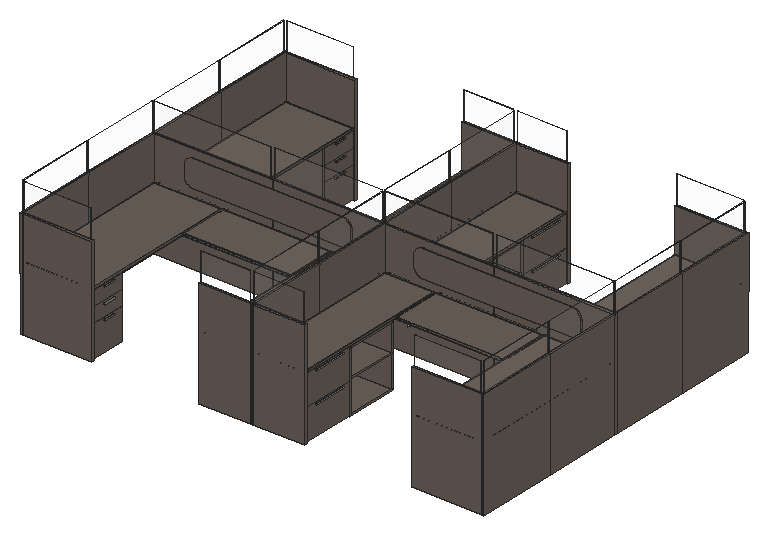
Revit family "OFS TYPICAL T200082", category Furniture, Revit 2022 (continued)
Definition of nested family "STAKS WORKSURFACE HEIGHT OPEN SHELF PEDESTAL - NO RISER SUPPORT"
  Types (6): name | Model | Drawer Handle Width | Description | Width | Depth
    STAKS WORKSURFACE HEIGHT OPEN SHELF PEDESTAL - NO RISER SUPPORT 30 x 19 | "6-NW3019MPD6" | 0' - 5 1/4" | "OFS STAKS WORKSURFACE HEIGHT OPEN SHELF PEDESTAL - NO RISER SUPPORT 30\"W x 19\" D, Sliding Door, One Adjustable Shelf, One Stationary Shelf, Use with 22\"D Worksurfaces" | 2' - 6" | 1' - 7 3/8"
    STAKS WORKSURFACE HEIGHT OPEN SHELF PEDESTAL - NO RISER SUPPORT 30 x 22 | "6-NW3022MPD6" | 0' - 5 1/4" | "OFS STAKS WORKSURFACE HEIGHT OPEN SHELF PEDESTAL - NO RISER SUPPORT 30\"W x 22\" D, Sliding Door, One Adjustable Shelf, One Stationary Shelf, Use with 22\"D Worksurfaces" | 2' - 6" | 1' - 9 7/8"
    STAKS WORKSURFACE HEIGHT OPEN SHELF PEDESTAL - NO RISER SUPPORT 36 x 22 | "6-NW3622MPD6" | 0' - 5 1/4" | "OFS STAKS WORKSURFACE HEIGHT OPEN SHELF PEDESTAL - NO RISER SUPPORT 36\"W x 22\" D, Sliding Door, One Adjustable Shelf, One Stationary Shelf, Use with 22\"D Worksurfaces" | 3' - 0" | 1' - 9 7/8"
    STAKS WORKSURFACE HEIGHT OPEN SHELF PEDESTAL - NO RISER SUPPORT 36 x 19 | "6-NW2419MPD6" | 0' - 5 1/4" | "OFS STAKS WORKSURFACE HEIGHT OPEN SHELF PEDESTAL - NO RISER SUPPORT 36\"W x 19\" D, Sliding Door, One Adjustable Shelf, One Stationary Shelf, Use with 22\"D Worksurfaces" | 3' - 0" | 1' - 7 3/8"
  Reference planes (in)
    plane 1: z = 0
    plane 2 "Right": x = 20.97711
    plane 3: z = 27.875
    plane 4: z = 15.375
    plane 5: z = 15.25
    plane 6: z = 0
    plane 7: z = 15
    plane 8: z = 27.625
    plane 9: z = 14.531
    plane 10: z = 27.15625
    plane 11: x = 8.97711
    plane 12: y = 1.37535
    plane 13: y = 0.62535
    plane 14: x = 9.03961
    plane 15: x = 32.91411
    plane 16: x = 9.72711
    plane 17: y = 20.00035
    plane 18: x = 32.97711
    plane 19: x = 32.22711
    plane 20: y = -0.18715
    plane 21: y = -0.37465
    plane 22: z = 21.875
    plane 23: z = 21.75
    plane 24: z = 21.5
    plane 25: z = 21.031
    plane 26: z = 0.25
    plane 27: y = 19.25035
    plane 28: z = 0.75
    plane 29: y = 16.75035
    plane 30: y = 4.37535
    plane 31: y = 8.37535
    plane 32: y = 12.75035
    plane 33: y = 5.00035
    plane 34: y = 13.37535
    plane 35: z = 28
    plane 36: z = 22.25
    plane 37: x = 21.35211
    plane 38: x = 20.60211
    plane 39: x = 21.00836
    plane 40: x = 20.94586
    plane 41: x = 14.99274
    plane 42: x = 17.61749
    plane 43: x = 12.36799
    plane 44: x = 12.74299
    plane 45: x = 17.24249
    plane 46: x = 26.96124
    plane 47: x = 24.33649
    plane 48: x = 29.58599
    plane 49: x = 29.21099
    plane 50: x = 24.71149
  Forms (in)
    Extrusion 1, solid, material <- "Chasis Material"
      sketch origin (-3, -1.24965, 0) x (1, 0, 0) y (0, 0, 1)
        loop
          line (11.97711, 0) -> (12.72711, 0) -> (12.72711, 27.875) -> (11.97711, 27.875) -> (11.97711, 0)
      from -21.25 to -2.625
    Extrusion 2, solid, material <- "Chasis Material"
      sketch origin (19.35211, 31.02324, 0) x (0, 1, 0) y (0, 0, 1)
        loop
          line (-11.77289, 0) -> (-11.02289, 0) -> (-11.02289, 27.875) -> (-11.77289, 27.875) -> (-11.77289, 0)
      from -9.625 to 12.875
    Extrusion 3, solid, material <- "Chasis Material"
      sketch origin (0, 0, 0) x (1, 0, 0) y (0, 1, 0)
        loop
          line (32.97711, 20.00035) -> (32.22711, 20.00035) -> (32.22711, 1.37535) -> (32.97711, 1.37535) -> (32.97711, 20.00035)
      from 0 to 27.875
    Extrusion 4, solid, material <- "Chasis Material"
      sketch origin (-29.79592, -1.62465, 7.24693) x (1, 0, 0) y (0, 0, 1)
        loop
          line (39.52304, 19.90932) -> (62.02304, 19.90932) -> (62.02304, 20.62807) -> (39.52304, 20.62807) -> (39.52304, 19.90932)
      from -20.875 to -3
    Extrusion 5, solid, material <- "Chasis Material"
      sketch origin (-31.5409, -1.62465, -42.72261) x (1, 0, 0) y (0, 0, 1)
        loop
          line (41.26801, 42.72261) -> (63.76801, 42.72261) -> (63.76801, 43.47261) -> (41.26801, 43.47261) -> (41.26801, 42.72261)
      from -20.875 to -3
    Extrusion 6, solid
      sketch origin (0, 0, 0) x (1, 0, 0) y (0, 1, 0)
        loop
          line (9.03961, 20.00035) -> (9.03961, 1.62535) -> (32.91411, 1.62535) -> (32.91411, 20.00035) -> (9.03961, 20.00035)
        loop
          line (32.22711, 2.37535) -> (32.22711, 10.12535) -> (9.72711, 10.12535) -> (9.72711, 2.37535) -> (32.22711, 2.37535)
        loop
          line (32.22711, 10.75035) -> (32.22711, 19.25035) -> (9.72711, 19.25035) -> (9.72711, 10.75035) -> (32.22711, 10.75035)
      from 27.875 to 28
    Extrusion 7, solid, material <- "Chasis Material"
      sketch origin (41.95422, 1.87535, 0) x (-1, 0, 0) y (0, 0, -1)
        loop
          line (9.72711, -15.25) -> (32.22711, -15.25) -> (32.22711, -14.531) -> (9.72711, -14.531) -> (9.72711, -15.25)
      from -17.375 to 0.5
  Dimensions and locks (in)
    "Board Thickness": plane 13 to plane 12
    locked: plane 11 to plane 14 at 0.0625
    "Board Thickness": plane 11 to plane 16
    locked: plane 15 to plane 18 at 0.063
    "Width": plane 11 to plane 18
    Extrusion 3 sketch curve to plane 18 = 0' - 0 3/4"
    "Board Thickness": plane 19 to plane 18
    equal spacing: plane 11, plane 2 "Right", plane 18
    plane 21 to plane 20 to plane 13 = 0' - 0 3/16" locked, 0' - 0 13/16" locked
    "Riser Support": plane 6 to level
    "Height": plane 3 to plane 6
    "DH1": plane 4 to plane 6
    "DH2": plane 22 to plane 4
    locked: plane 26 to plane 6 at 0.25
    "Board Thickness": plane 27 to plane 17
    "Depth": plane 13 to plane 17
    plane 4 to plane 5 to plane 7 to plane 9 = 0' - 0 1/8" locked, 0' - 0 1/4" locked, 0' - 0.469" locked
    plane 22 to plane 23 to plane 24 to plane 25 = 0' - 0 1/8" locked, 0' - 0 1/4" locked, 0' - 0.469" locked
    plane 3 to plane 8 to plane 10 = 0' - 0 1/4" locked, 0' - 0 15/32" locked
    "Board Thickness": plane 28 to plane 6
    plane 12 to plane 30 to plane 31 = 0' - 3" locked, 0' - 4" locked
    plane 32 to plane 29 to plane 27 = 0' - 4" locked, 0' - 2 1/2" locked
    locked: plane 30 to plane 33 at 0.625
    locked: plane 32 to plane 34 at 0.625
    locked: plane 35 to plane 3 at 0.125
    "Board Thickness": plane 36 to plane 24
    equal spacing: plane 38, plane 2 "Right", plane 37
    "Board Thickness": plane 38 to plane 37
    equal spacing: plane 40, plane 2 "Right", plane 39
    equal spacing: plane 14, plane 41, plane 40
    equal spacing: plane 43, plane 41, plane 42
    "Drawer Handle Width": plane 43 to plane 42
    locked: plane 43 to plane 44 at 0.375
    locked: plane 45 to plane 42 at 0.375
    equal spacing: plane 15, plane 46, plane 39
    equal spacing: plane 48, plane 46, plane 47
    "Drawer Handle Width": plane 48 to plane 47
    locked: plane 48 to plane 49 at 0.375
    locked: plane 50 to plane 47 at 0.375
    aligned and locked: level to plane 1
    aligned and locked: plane 12 to Extrusion 1
    aligned and locked: Extrusion 1 to plane 17
    aligned and locked: Extrusion 2 to plane 16
    aligned and locked: plane 16 to Extrusion 1
    aligned and locked: Extrusion 1 to plane 11
    aligned and locked: Extrusion 2 to plane 17
    aligned and locked: plane 19 to Extrusion 2
    aligned and locked: plane 3 to Extrusion 1
    aligned and locked: plane 3 to Extrusion 2
    aligned and locked: Extrusion 3 to plane 19
    aligned and locked: plane 3 to Extrusion 3
    aligned and locked: Extrusion 3 to plane 6
    aligned and locked: plane 3 to Extrusion 4
    aligned and locked: Extrusion 4 to plane 10
    aligned and locked: plane 19 to Extrusion 4
    aligned and locked: Extrusion 4 to plane 16
    aligned and locked: plane 28 to Extrusion 5
    aligned and locked: Extrusion 5 to plane 6
    aligned and locked: Extrusion 5 to plane 27
    aligned and locked: plane 12 to Extrusion 5
    aligned and locked: plane 19 to Extrusion 5
    aligned and locked: Extrusion 5 to plane 16
    aligned and locked: Extrusion 6 to plane 3
    aligned and locked: plane 35 to Extrusion 6
    aligned and locked: Extrusion 4 to plane 27
    aligned and locked: plane 12 to Extrusion 4
    aligned and locked: Extrusion 7 to plane 9
    aligned and locked: plane 5 to Extrusion 7
    aligned and locked: plane 19 to Extrusion 7
    aligned and locked: Extrusion 7 to plane 27
    aligned and locked: plane 12 to Extrusion 7
    aligned and locked: Extrusion 6 sketch curve to plane 17
    aligned and locked: Extrusion 6 sketch curve to plane 27
    aligned and locked: plane 16 to Extrusion 6 sketch curve
    aligned and locked: plane 19 to Extrusion 6 sketch curve
    aligned and locked: Extrusion 2 to plane 6
    aligned and locked: Extrusion 1 to plane 6
    aligned and locked: Extrusion 7 to plane 16
  Automatic sketch dimensions
    level to Extrusion 1 sketch curve = 0' - 0"
    Extrusion 1 sketch curve to plane 11 = 0' - 0"
    Extrusion 1 sketch curve to plane 3 = 0' - 0"
    Extrusion 1 sketch curve to plane 16 = 0' - 0"
    level to Extrusion 2 sketch curve = 0' - 0"
    Extrusion 2 sketch curve to plane 3 = 0' - 0"
    Extrusion 2 sketch curve to plane 17 = 0' - 0"
    plane 27 to Extrusion 2 sketch curve = 0' - 0"
    plane 12 to Extrusion 3 sketch curve = 0' - 0"
    Extrusion 3 sketch curve to plane 18 = 0' - 0"
    plane 17 to Extrusion 3 sketch curve = 0' - 0"
    Extrusion 4 sketch curve to plane 10 = 0' - 0"
    Extrusion 4 sketch curve to plane 16 = 0' - 0"
    Extrusion 4 sketch curve to plane 3 = 0' - 0"
    Extrusion 4 sketch curve to plane 19 = 0' - 0"
    level to Extrusion 5 sketch curve = 0' - 0"
    Extrusion 5 sketch curve to plane 16 = 0' - 0"
    Extrusion 5 sketch curve to plane 19 = 0' - 0"
    Extrusion 5 sketch curve to plane 28 = 0' - 0"
    Extrusion 7 sketch curve to plane 9 = 0' - 0"
    Extrusion 7 sketch curve to plane 19 = 0' - 0"
    Extrusion 7 sketch curve to plane 37 = 0' - 11 5/8"
    Extrusion 7 sketch curve to plane 5 = 0' - 0"
    Extrusion 6 sketch curve to plane 14 = 0' - 0"
    Extrusion 6 sketch curve to plane 16 = 0' - 0"
    Extrusion 6 sketch curve to plane 19 = 0' - 0"
    Extrusion 6 sketch curve to plane 15 = 0' - 0"
    plane 32 to Extrusion 6 sketch curve = 0' - 2 5/8"
    plane 34 to Extrusion 6 sketch curve = 0' - 2 5/8"
    Extrusion 6 sketch curve to plane 13 = 0' - 1"
    Extrusion 6 sketch curve to plane 12 = 0' - 1"
Definition of nested family "STAKS WORKSURFACE HEIGHT PEDESTAL WIDE - FILE-FILE - NO RISER SUPPORT"
  Parameters (values of type "STAKS WORKSURFACE HEIGHT PEDESTAL WIDE - OPEN-BOX-FILE - NO RISER SUPPORT 24 x 19")
    URL = "http://www.ofs.com/"
    Riser Support = 0' - 0"
    Model = "6-NW2419MPD3"
    Manufacturer = "OFS"
    Height = 2' - 3 7/8"
    Drawer Material = none
    Drawer Handle Width = 1' - 3 1/8"
    Drawer Handle Material = none
    Description = "OFS STAKS WORKSURFACE HEIGHT PEDESTAL WIDE - OPEN-BOX-FILE - NO RISER SUPPORT 24\" W x 19\" D, Two Lateral File Drawers, Use with 22\"D Worksurfaces"
    Width = 2' - 0"
    Depth = 1' - 7 3/8"
    Default Elevation = 0' - 0"
    DH2 = 0' - 6 1/2"
    DH1 = 1' - 2 3/8"
    Copyright © = "© 2018 OFS"
    Chasis Material = none
    Catalog = "https://ofs.com/products/casegoods/private-office/staks"
    Board Thickness = 0' - 0 3/4"
    Authoring Version = "Autodesk Revit Architecture 2013"
    Assembly Code = "E2020200"
  Types (6): name | Model | Description | Width | Depth
    STAKS WORKSURFACE HEIGHT PEDESTAL WIDE - OPEN-BOX-FILE - NO RISER SUPPORT 24 x 19 | "6-NW2419MPD3" | "OFS STAKS WORKSURFACE HEIGHT PEDESTAL WIDE - OPEN-BOX-FILE - NO RISER SUPPORT 24\" W x 19\" D, Two Lateral File Drawers, Use with 22\"D Worksurfaces" | 2' - 0" | 1' - 7 3/8"
    STAKS WORKSURFACE HEIGHT PEDESTAL WIDE - OPEN-BOX-FILE - NO RISER SUPPORT 24 x 22 | "6-NW2422MPD3" | "OFS STAKS WORKSURFACE HEIGHT PEDESTAL WIDE - OPEN-BOX-FILE - NO RISER SUPPORT 24\" W x 22\" D, Two Lateral File Drawers, Use with 22\"D Worksurfaces" | 2' - 0" | 1' - 9 7/8"
    STAKS WORKSURFACE HEIGHT PEDESTAL WIDE - OPEN-BOX-FILE - NO RISER SUPPORT 30 x 19 | "6-NW3019MPD3" | "OFS STAKS WORKSURFACE HEIGHT PEDESTAL WIDE - OPEN-BOX-FILE - NO RISER SUPPORT 30\" W x 19\" D, Two Lateral File Drawers, Use with 22\"D Worksurfaces" | 2' - 6" | 1' - 7 3/8"
    STAKS WORKSURFACE HEIGHT PEDESTAL WIDE - OPEN-BOX-FILE - NO RISER SUPPORT 30 x 22 | "6-NW3022MPD3" | "OFS STAKS WORKSURFACE HEIGHT PEDESTAL WIDE - OPEN-BOX-FILE - NO RISER SUPPORT 30\" W x 22\" D, Two Lateral File Drawers, Use with 22\"D Worksurfaces" | 2' - 6" | 1' - 9 7/8"
    STAKS WORKSURFACE HEIGHT PEDESTAL WIDE - OPEN-BOX-FILE - NO RISER SUPPORT 36 x 19 | "6-NW3619MPD3" | "OFS STAKS WORKSURFACE HEIGHT PEDESTAL WIDE - OPEN-BOX-FILE - NO RISER SUPPORT 36\" W x 19\" D, Two Lateral File Drawers, Use with 22\"D Worksurfaces" | 3' - 0" | 1' - 7 3/8"
    STAKS WORKSURFACE HEIGHT PEDESTAL WIDE - OPEN-BOX-FILE - NO RISER SUPPORT 36 x 22 | "6-NW3622MPD3" | "OFS STAKS WORKSURFACE HEIGHT PEDESTAL WIDE - OPEN-BOX-FILE - NO RISER SUPPORT 36\" W x 22\" D, Two Lateral File Drawers, Use with 22\"D Worksurfaces" | 3' - 0" | 1' - 9 7/8"
  Reference planes (in)
    plane 1: z = 0
    plane 2 "Right": x = 20.97711
    plane 3: z = 27.875
    plane 4: z = 14.375
    plane 5: z = 14.25
    plane 6: z = 0
    plane 7: z = 14
    plane 8: z = 27.625
    plane 9: z = 13.531
    plane 10: z = 27.15625
    plane 11: x = 8.97711
    plane 12: y = 1.37535
    plane 13: y = 0.62535
    plane 14: x = 9.03961
    plane 15: x = 32.91411
    plane 16: x = 9.72711
    plane 17: y = 20.00035
    plane 18: x = 32.97711
    plane 19: x = 32.22711
    plane 20: x = 13.41461
    plane 21: x = 13.78961
    plane 22: x = 28.53961
    plane 23: x = 28.16461
    plane 24: y = -0.18715
    plane 25: y = -0.37465
    plane 26: z = 0.25
    plane 27: y = 19.25035
    plane 28: z = 0.75
    plane 29: y = 16.75035
    plane 30: y = 4.37535
    plane 31: y = 8.37535
    plane 32: y = 12.75035
    plane 33: y = 5.00035
    plane 34: y = 13.37535
    plane 35: z = 28
  Forms (in)
    Extrusion 1, solid, material <- "Drawer Material"
      sketch origin (20.35211, 5, -13.1802) x (0, 1, 0) y (0, 0, 1)
        loop
          line (-4.37465, 27.4302) -> (-4.37465, 13.4302) -> (-3.62465, 13.4302) -> (-3.62465, 27.4302) -> (-4.37465, 27.4302)
      from -11.3125 to 12.562
    Extrusion 2, solid, material <- "Drawer Material"
      sketch origin (20.35211, 2.25, -7.68015) x (0, 1, 0) y (0, 0, 1)
        loop
          line (-1.62465, 35.55515) -> (-1.62465, 22.05515) -> (-0.87465, 22.05515) -> (-0.87465, 35.55515) -> (-1.62465, 35.55515)
      from -11.3125 to 12.562
    Extrusion 3, solid, material <- "Chasis Material"
      sketch origin (-3, -1.24965, 0) x (1, 0, 0) y (0, 0, 1)
        loop
          line (11.97711, 0) -> (12.72711, 0) -> (12.72711, 27.875) -> (11.97711, 27.875) -> (11.97711, 0)
      from -21.25 to -2.625
    Extrusion 4, solid, material <- "Chasis Material"
      sketch origin (19.35211, 31.02324, 0) x (0, 1, 0) y (0, 0, 1)
        loop
          line (-11.77289, 0) -> (-11.02289, 0) -> (-11.02289, 27.875) -> (-11.77289, 27.875) -> (-11.77289, 0)
      from -9.625 to 12.875
    Extrusion 5, solid, material <- "Drawer Handle Material"
      sketch origin (9, 0, 9.60933) x (1, 0, 0) y (0, 1, 0)
        loop
          line (4.41461, 0.62535) -> (4.41461, -0.37465) -> (19.53961, -0.37465) -> (19.53961, 0.62535) -> (19.16461, 0.62535) -> (19.16461, -0.18715) -> (4.78961, -0.18715) -> (4.78961, 0.62535) -> (4.41461, 0.62535)
      from 3.92167 to 4.39067
    Extrusion 6, solid, material <- "Drawer Handle Material"
      sketch origin (9, 0, 20.67137) x (1, 0, 0) y (0, 1, 0)
        loop
          line (4.41461, 0.62535) -> (4.41461, -0.37465) -> (19.53961, -0.37465) -> (19.53961, 0.62535) -> (19.16461, 0.62535) -> (19.16461, -0.18715) -> (4.78961, -0.18715) -> (4.78961, 0.62535) -> (4.41461, 0.62535)
      from 6.48488 to 6.95363
    Extrusion 7, solid, material <- "Chasis Material"
      sketch origin (0, 0, 0) x (1, 0, 0) y (0, 1, 0)
        loop
          line (32.97711, 20.00035) -> (32.22711, 20.00035) -> (32.22711, 1.37535) -> (32.97711, 1.37535) -> (32.97711, 20.00035)
      from 0 to 27.875
    Extrusion 8, solid, material <- "Chasis Material"
      sketch origin (-29.79592, -1.62465, 7.24693) x (1, 0, 0) y (0, 0, 1)
        loop
          line (39.52304, 19.90932) -> (62.02304, 19.90932) -> (62.02304, 20.62807) -> (39.52304, 20.62807) -> (39.52304, 19.90932)
      from -18.375 to -14.375
    Extrusion 9, solid, material <- "Chasis Material"
      sketch origin (-29.79592, -7.12465, 7.24693) x (1, 0, 0) y (0, 0, 1)
        loop
          line (39.52304, 19.90932) -> (62.02304, 19.90932) -> (62.02304, 20.62807) -> (39.52304, 20.62807) -> (39.52304, 19.90932)
      from -15.5 to -11.5
    Extrusion 10, solid, material <- "Chasis Material"
      sketch origin (-31.5409, -1.62465, -42.72261) x (1, 0, 0) y (0, 0, 1)
        loop
          line (41.26801, 42.72261) -> (63.76801, 42.72261) -> (63.76801, 43.47261) -> (41.26801, 43.47261) -> (41.26801, 42.72261)
      from -20.875 to -3
    Extrusion 11, solid
      sketch origin (0, 0, 0) x (1, 0, 0) y (0, 1, 0)
        loop
          line (32.91411, 20.00035) -> (32.22711, 20.00035) -> (32.22711, 13.37535) -> (9.72711, 13.37535) -> (9.72711, 20.00035) -> (9.03961, 20.00035) -> (9.03961, 1.37535) -> (9.72711, 1.37535) -> (9.72711, 4.37535) -> (32.22711, 4.37535) -> (32.22711, 1.37535) -> (32.91411, 1.37535) -> (32.91411, 20.00035)
        loop
          line (32.22711, 5.00035) -> (32.22711, 12.75035) -> (9.72711, 12.75035) -> (9.72711, 5.00035) -> (32.22711, 5.00035)
      from 27.875 to 28
  Dimensions and locks (in)
    "Board Thickness": plane 13 to plane 12
    locked: plane 11 to plane 14 at 0.0625
    "Board Thickness": plane 11 to plane 16
    locked: plane 15 to plane 18 at 0.063
    "Width": plane 11 to plane 18
    Extrusion 7 sketch curve to plane 18 = 0' - 0 3/4"
    "Board Thickness": plane 19 to plane 18
    equal spacing: plane 11, plane 2 "Right", plane 18
    locked: plane 20 to plane 21 at 0.375
    locked: plane 23 to plane 22 at 0.375
    equal spacing: plane 20, plane 2 "Right", plane 22
    "Drawer Handle Width": plane 20 to plane 22
    plane 25 to plane 24 to plane 13 = 0' - 0 3/16" locked, 0' - 0 13/16" locked
    "Riser Support": plane 6 to level
    "Height": plane 3 to plane 6
    "DH1": plane 4 to plane 6
    locked: plane 26 to plane 6 at 0.25
    "Board Thickness": plane 27 to plane 17
    "Depth": plane 13 to plane 17
    plane 4 to plane 5 to plane 7 to plane 9 = 0' - 0 1/8" locked, 0' - 0 1/4" locked, 0' - 0.469" locked
    plane 3 to plane 8 to plane 10 = 0' - 0 1/4" locked, 0' - 0 15/32" locked
    "Board Thickness": plane 28 to plane 6
    plane 12 to plane 30 to plane 31 = 0' - 3" locked, 0' - 4" locked
    plane 32 to plane 29 to plane 27 = 0' - 4" locked, 0' - 2 1/2" locked
    locked: plane 30 to plane 33 at 0.625
    locked: plane 32 to plane 34 at 0.625
    locked: plane 35 to plane 3 at 0.125
    aligned and locked: level to plane 1
    aligned and locked: Extrusion 1 to plane 14
    aligned and locked: plane 15 to Extrusion 1
    aligned and locked: Extrusion 2 to plane 12
    aligned and locked: plane 13 to Extrusion 2
    aligned and locked: plane 15 to Extrusion 2
    aligned and locked: Extrusion 2 to plane 14
    aligned and locked: plane 12 to Extrusion 3
    aligned and locked: Extrusion 3 to plane 17
    aligned and locked: Extrusion 4 to plane 16
    aligned and locked: plane 16 to Extrusion 3
    aligned and locked: Extrusion 3 to plane 11
    aligned and locked: Extrusion 4 to plane 17
    aligned and locked: Extrusion 1 sketch curve to plane 12
    aligned and locked: plane 13 to Extrusion 1 sketch curve
    aligned and locked: plane 19 to Extrusion 4
    aligned and locked: plane 3 to Extrusion 3
    aligned and locked: Extrusion 6 to plane 22
    aligned and locked: Extrusion 5 to plane 22
    aligned and locked: plane 23 to Extrusion 6
    aligned and locked: plane 23 to Extrusion 5
    aligned and locked: plane 21 to Extrusion 6
    aligned and locked: plane 21 to Extrusion 5
    aligned and locked: Extrusion 6 to plane 20
    aligned and locked: Extrusion 5 to plane 20
    aligned and locked: plane 24 to Extrusion 6
    aligned and locked: plane 7 to Extrusion 5
    aligned and locked: Extrusion 5 to plane 9
    aligned and locked: plane 3 to Extrusion 4
    aligned and locked: Extrusion 1 to plane 26
    aligned and locked: Extrusion 7 to plane 19
    aligned and locked: plane 3 to Extrusion 7
    aligned and locked: Extrusion 7 to plane 6
    aligned and locked: plane 3 to Extrusion 8
    aligned and locked: Extrusion 8 to plane 10
    aligned and locked: plane 19 to Extrusion 8
    aligned and locked: Extrusion 8 to plane 16
    aligned and locked: Extrusion 8 to plane 29
    aligned and locked: plane 32 to Extrusion 8
    aligned and locked: plane 30 to Extrusion 9
    aligned and locked: Extrusion 9 to plane 31
    aligned and locked: plane 3 to Extrusion 9
    aligned and locked: Extrusion 9 to plane 10
    aligned and locked: plane 28 to Extrusion 10
    aligned and locked: Extrusion 10 to plane 6
    aligned and locked: Extrusion 10 to plane 27
    aligned and locked: plane 12 to Extrusion 10
    aligned and locked: plane 19 to Extrusion 10
    aligned and locked: Extrusion 10 to plane 16
    aligned and locked: Extrusion 11 to plane 3
    aligned and locked: plane 35 to Extrusion 11
    aligned and locked: plane 3 to Extrusion 2
    aligned and locked: plane 8 to Extrusion 6
    aligned and locked: Extrusion 6 to plane 10
  Automatic sketch dimensions
    Extrusion 1 sketch curve to plane 26 = 0' - 0"
    Extrusion 1 sketch curve to plane 5 = 0' - 0"
    Extrusion 2 sketch curve to plane 13 = 0' - 0"
    Extrusion 2 sketch curve to plane 4 = 0' - 0"
    Extrusion 2 sketch curve to plane 12 = 0' - 0"
    Extrusion 3 sketch curve to plane 6 = 0' - 0"
    Extrusion 3 sketch curve to plane 11 = 0' - 0"
    Extrusion 3 sketch curve to plane 3 = 0' - 0"
    Extrusion 3 sketch curve to plane 16 = 0' - 0"
    Extrusion 4 sketch curve to plane 6 = 0' - 0"
    Extrusion 4 sketch curve to plane 3 = 0' - 0"
    Extrusion 4 sketch curve to plane 17 = 0' - 0"
    plane 27 to Extrusion 4 sketch curve = 0' - 0"
    plane 13 to Extrusion 5 sketch curve = 0' - 0"  (x2)
    Extrusion 5 sketch curve to plane 20 = 0' - 0"
    Extrusion 5 sketch curve to plane 21 = 0' - 0"
    Extrusion 5 sketch curve to plane 23 = 0' - 0"
    Extrusion 5 sketch curve to plane 22 = 0' - 0"
    plane 25 to Extrusion 5 sketch curve = 0' - 0"
    plane 24 to Extrusion 5 sketch curve = 0' - 0"
    plane 13 to Extrusion 6 sketch curve = 0' - 0"  (x2)
    Extrusion 6 sketch curve to plane 20 = 0' - 0"
    Extrusion 6 sketch curve to plane 21 = 0' - 0"
    Extrusion 6 sketch curve to plane 23 = 0' - 0"
    Extrusion 6 sketch curve to plane 22 = 0' - 0"
    plane 25 to Extrusion 6 sketch curve = 0' - 0"
    plane 24 to Extrusion 6 sketch curve = 0' - 0"
    plane 12 to Extrusion 7 sketch curve = 0' - 0"
    Extrusion 7 sketch curve to plane 18 = 0' - 0"
    plane 17 to Extrusion 7 sketch curve = 0' - 0"
    Extrusion 8 sketch curve to plane 10 = 0' - 0"
    Extrusion 8 sketch curve to plane 16 = 0' - 0"
    Extrusion 8 sketch curve to plane 3 = 0' - 0"
    Extrusion 8 sketch curve to plane 19 = 0' - 0"
    Extrusion 9 sketch curve to plane 10 = 0' - 0"
    Extrusion 9 sketch curve to plane 16 = 0' - 0"
    Extrusion 9 sketch curve to plane 3 = 0' - 0"
    Extrusion 9 sketch curve to plane 19 = 0' - 0"
    plane 14 to Extrusion 10 sketch curve = 0' - 0 11/16"
    Extrusion 10 sketch curve to plane 6 = 0' - 0"
    plane 6 to Extrusion 10 sketch curve = 0' - 0 3/4"
    Extrusion 10 sketch curve to plane 19 = 0' - 0"
    Extrusion 11 sketch curve to plane 14 = 0' - 0"
    Extrusion 11 sketch curve to plane 19 = 0' - 0"  (x2)
    Extrusion 11 sketch curve to plane 15 = 0' - 0"
    Extrusion 11 sketch curve to plane 13 = 0' - 0 3/4"  (x2)
    Extrusion 11 sketch curve to plane 30 = 0' - 0"
    Extrusion 11 sketch curve to plane 33 = 0' - 0"
    Extrusion 11 sketch curve to plane 34 = 0' - 0"
    Extrusion 11 sketch curve to plane 32 = 0' - 0"
    Extrusion 11 sketch curve to Extrusion 11 sketch curve = 0' - 0"  (x2)
    Extrusion 11 sketch curve to plane 16 = 0' - 0"  (x2)
    plane 17 to Extrusion 11 sketch curve = 0' - 0"  (x2)
    plane 4 to Extrusion 2 sketch curve = 1' - 1 1/2"
Definition of nested family "STAKS SPINE OR DIVIDER WALL 48in"
  Parameters (values of type "STAKS SPINE OR DIVIDER WALL 48in X 24in")
    URL = "http://www.ofs.com/"
    Height Above Floor [instance] = 4' - 0"
    Height = 4' - 0"
    Depth = 0' - 1"
    Model = "6-PAN-48/24"
    Manufacturer = "OFS"
    Description = "OFS STAKS SPINE OR DIVIDER WALL 48\" Height x 24\" Width, Levelers allow 2.5\" Height Adjustability for Uneven Floor"
    Width = 2' - 0"
    Default Elevation = 0' - 0"
    Copyright © = "© 2018 OFS"
    Catalog = "https://ofs.com/products/casegoods/private-office/staks"
    Authoring Version = "Autodesk Revit Architecture 2013"
    Assembly Code = "E2020200"
  Types (19): name | Model | Description | Width
    STAKS SPINE OR DIVIDER WALL 48in X 24in | "6-PAN-48/24" | "OFS STAKS SPINE OR DIVIDER WALL 48\" Height x 24\" Width, Levelers allow 2.5\" Height Adjustability for Uneven Floor" | 2' - 0"
    STAKS SPINE OR DIVIDER WALL 48in X 33in | "6-PAN-48/33" | "OFS STAKS SPINE OR DIVIDER WALL 48\" Height x 33\" Width, Levelers allow 2.5\" Height Adjustability for Uneven Floor" | 2' - 9"
    STAKS SPINE OR DIVIDER WALL 48in X 26in | "6-PAN-48/26" | "OFS STAKS SPINE OR DIVIDER WALL 48\" Height x 26\" Width, Levelers allow 2.5\" Height Adjustability for Uneven Floor" | 2' - 2"
    STAKS SPINE OR DIVIDER WALL 48in X 30in | "6-PAN-48/30" | "OFS STAKS SPINE OR DIVIDER WALL 48\" Height x 30\" Width, Levelers allow 2.5\" Height Adjustability for Uneven Floor" | 2' - 6"
    STAKS SPINE OR DIVIDER WALL 48in X 36in | "6-PAN-48/36" | "OFS STAKS SPINE OR DIVIDER WALL 48\" Height x 36\" Width, Levelers allow 2.5\" Height Adjustability for Uneven Floor" | 3' - 0"
    STAKS SPINE OR DIVIDER WALL 48in X 37in | "6-PAN-48/37" | "OFS STAKS SPINE OR DIVIDER WALL 48\" Height x 37\" Width, Levelers allow 2.5\" Height Adjustability for Uneven Floor" | 3' - 1"
    STAKS SPINE OR DIVIDER WALL 48in X 39in | "6-PAN-48/39" | "OFS STAKS SPINE OR DIVIDER WALL 48\" Height x 39\" Width, Levelers allow 2.5\" Height Adjustability for Uneven Floor" | 3' - 3"
    STAKS SPINE OR DIVIDER WALL 48in X 40in | "6-PAN-48/40" | "OFS STAKS SPINE OR DIVIDER WALL 48\" Height x 40\" Width, Levelers allow 2.5\" Height Adjustability for Uneven Floor" | 3' - 4"
    STAKS SPINE OR DIVIDER WALL 48in X 42in | "6-PAN-48/42" | "OFS STAKS SPINE OR DIVIDER WALL 48\" Height x 42\" Width, Levelers allow 2.5\" Height Adjustability for Uneven Floor" | 3' - 6"
    STAKS SPINE OR DIVIDER WALL 48in X 44in | "6-PAN-48/44" | "OFS STAKS SPINE OR DIVIDER WALL 48\" Height x 44\" Width, Levelers allow 2.5\" Height Adjustability for Uneven Floor" | 3' - 8"
    STAKS SPINE OR DIVIDER WALL 48in X 45in | "6-PAN-48/45" | "OFS STAKS SPINE OR DIVIDER WALL 48\" Height x 45\" Width, Levelers allow 2.5\" Height Adjustability for Uneven Floor" | 3' - 9"
    STAKS SPINE OR DIVIDER WALL 48in X 47in | "6-PAN-48/47" | "OFS STAKS SPINE OR DIVIDER WALL 48\" Height x 47\" Width, Levelers allow 2.5\" Height Adjustability for Uneven Floor" | 3' - 11"
    STAKS SPINE OR DIVIDER WALL 48in X 48in | "6-PAN-48/48" | "OFS STAKS SPINE OR DIVIDER WALL 48\" Height x 48\" Width, Levelers allow 2.5\" Height Adjustability for Uneven Floor" | 4' - 0"
    STAKS SPINE OR DIVIDER WALL 48in X 49in | "6-PAN-48/49" | "OFS STAKS SPINE OR DIVIDER WALL 48\" Height x 49\" Width, Levelers allow 2.5\" Height Adjustability for Uneven Floor" | 4' - 1"
    STAKS SPINE OR DIVIDER WALL 48in X 52in | "6-PAN-48/52" | "OFS STAKS SPINE OR DIVIDER WALL 48\" Height x 52\" Width, Levelers allow 2.5\" Height Adjustability for Uneven Floor" | 4' - 4"
    STAKS SPINE OR DIVIDER WALL 48in X 54in | "6-PAN-48/54" | "OFS STAKS SPINE OR DIVIDER WALL 48\" Height x 54\" Width, Levelers allow 2.5\" Height Adjustability for Uneven Floor" | 4' - 6"
    STAKS SPINE OR DIVIDER WALL 48in X 56in | "6-PAN-48/56" | "OFS STAKS SPINE OR DIVIDER WALL 48\" Height x 56\" Width, Levelers allow 2.5\" Height Adjustability for Uneven Floor" | 4' - 8"
    STAKS SPINE OR DIVIDER WALL 48in X 58in | "6-PAN-48/58" | "OFS STAKS SPINE OR DIVIDER WALL 48\" Height x 58\" Width, Levelers allow 2.5\" Height Adjustability for Uneven Floor" | 4' - 10"
    STAKS SPINE OR DIVIDER WALL 48in X 59in | "6-PAN-48/59" | "OFS STAKS SPINE OR DIVIDER WALL 48\" Height x 59\" Width, Levelers allow 2.5\" Height Adjustability for Uneven Floor" | 4' - 11"
  Reference planes (in)
    plane 1: z = -0.125
    plane 2 "LEFT": x = 7.55498
    plane 3 "RIGHT": x = 31.55498
    plane 4 "BACK": y = -1.83365
    plane 5 "FRONT": y = -2.83365
    plane 6: x = 7.67998
    plane 7: x = 31.42998
    plane 8: y = -1.95865
    plane 9: y = -2.70865
    plane 10: z = -0.125
    plane 11 "SURFACE TOP": z = 47.875
  Forms (in)
    Extrusion 1, solid
      sketch origin (0, 0, 17.125) x (-1, 0, 0) y (0, -1, 0)
        loop
          line (-7.55498, 1.83365) -> (-7.55498, 2.83365) -> (-31.55498, 2.83365) -> (-31.55498, 1.83365) -> (-7.55498, 1.83365)
      from 30.75 to -17.25
  Lines and regions (in)
    symbolic lines
      curve 1: line (7.55498, -1.83365, 47.875) -> (31.55498, -1.83365, 47.875)
      curve 2: line (7.55498, -2.83365, 47.875) -> (7.55498, -1.83365, 47.875)
      curve 3: line (31.55498, -2.83365, 47.875) -> (7.55498, -2.83365, 47.875)
      curve 4: line (31.55498, -1.83365, 47.875) -> (31.55498, -2.83365, 47.875)
  Dimensions and locks (in)
    "Depth": plane 4 "BACK" to plane 5 "FRONT"
    "Width": plane 2 "LEFT" to plane 3 "RIGHT"
    "Height": plane 11 "SURFACE TOP" to plane 10
    locked: plane 4 "BACK" to plane 8 at 0.125
    locked: plane 2 "LEFT" to plane 6 at 0.125
    locked: plane 7 to plane 3 "RIGHT" at 0.125
    locked: plane 9 to plane 5 "FRONT" at 0.125
    "Height Above Floor": plane 11 "SURFACE TOP" to level
    aligned: level to plane 1
    aligned and locked: plane 11 "SURFACE TOP" to Extrusion 1
    aligned and locked: Extrusion 1 to plane 10
    aligned and locked: plane 4 "BACK" to Extrusion 1 sketch curve
    aligned and locked: Extrusion 1 sketch curve to plane 2 "LEFT"
    aligned and locked: Extrusion 1 sketch curve to plane 5 "FRONT"
    aligned and locked: plane 3 "RIGHT" to Extrusion 1 sketch curve
    aligned and locked: curve 1 to Extrusion 1
    aligned and locked: curve 2 to Extrusion 1
    aligned and locked: curve 3 to Extrusion 1
    aligned and locked: curve 4 to Extrusion 1
Definition of nested family "STAKS BENCHING PRIVACY PANEL - FROSTED ACRYLIC _ GLASS"
  Parameters (values of type "STAKS BENCHING PRIVACY PANEL - FROSTED ACRYLIC 12 X 13")
    URL = "http://www.ofs.com"
    Default Elevation = 0' - 0"
    Copyright © = "© 2018 OFS"  # constant formula
    Catalog = "https://ofs.com/products/open-plan/benching/staks"  # constant formula
    Authoring Version = "Autodesk Revit Architecture 2013"
    3 FORM-LUMICOR = no
    GLASS = no
    PRIVACY PANEL HEIGHT = 1' - 0.813"
    Model = "6-PVPA-11.63/12.81"
    Manufacturer = "OFS"  # constant formula
    FROSTED ACRYLIC = yes
    Description = "OFS STAKS BENCHING PRIVACY PANEL - FROSTED ACRYLIC 12 X 13"
    PRIVACY PANEL WIDTH = 0' - 11 5/8"
    Assembly Code = "E2020200"
  Types (72): name | GLASS | PRIVACY PANEL HEIGHT | Model | FROSTED ACRYLIC | Description | PRIVACY PANEL WIDTH
    STAKS BENCHING PRIVACY PANEL - FROSTED ACRYLIC 12 X 13 | no | 1' - 0.813" | "6-PVPA-11.63/12.81" | yes | "OFS STAKS BENCHING PRIVACY PANEL - FROSTED ACRYLIC 12 X 13" | 0' - 11 5/8"
    STAKS BENCHING PRIVACY PANEL - FROSTED ACRYLIC 18 X 13 | no | 1' - 0.813" | "6-PVPA-17.63/12.81" | yes | "OFS STAKS BENCHING PRIVACY PANEL - FROSTED ACRYLIC 18 X 13" | 1' - 5 5/8"
    STAKS BENCHING PRIVACY PANEL - FROSTED ACRYLIC 24 X 13 | no | 1' - 0.813" | "6-PVPA-23.63/12.81" | yes | "OFS STAKS BENCHING PRIVACY PANEL - FROSTED ACRYLIC 24 X 13" | 1' - 11 5/8"
    STAKS BENCHING PRIVACY PANEL - FROSTED ACRYLIC 36 X 13 | no | 1' - 0.813" | "6-PVPA-35.63/12.81" | yes | "OFS STAKS BENCHING PRIVACY PANEL - FROSTED ACRYLIC 36 X 13" | 2' - 11 5/8"
    STAKS BENCHING PRIVACY PANEL - FROSTED ACRYLIC 42 X 13 | no | 1' - 0.813" | "6-PVPA-41.63/12.81" | yes | "OFS STAKS BENCHING PRIVACY PANEL - FROSTED ACRYLIC 42 X 13" | 3' - 5 5/8"
    STAKS BENCHING PRIVACY PANEL - FROSTED ACRYLIC 48 X 13 | no | 1' - 0.813" | "6-PVPA-47.63/12.81" | yes | "OFS STAKS BENCHING PRIVACY PANEL - FROSTED ACRYLIC 48 X 13" | 3' - 11 5/8"
    STAKS BENCHING PRIVACY PANEL - FROSTED ACRYLIC 54 X 13 | no | 1' - 0.813" | "6-PVPA-53.63/12.81" | yes | "OFS STAKS BENCHING PRIVACY PANEL - FROSTED ACRYLIC 54 X 13" | 4' - 5 5/8"
    STAKS BENCHING PRIVACY PANEL - FROSTED ACRYLIC 55 X 13 | no | 1' - 0.813" | "6-PVPA-55.06/12.81" | yes | "OFS STAKS BENCHING PRIVACY PANEL - FROSTED ACRYLIC 55 X 13" | 4' - 7.063"
    STAKS BENCHING PRIVACY PANEL - FROSTED ACRYLIC 60 X 13 | no | 1' - 0.813" | "6-PVPA-59.63/12.81" | yes | "OFS STAKS BENCHING PRIVACY PANEL - FROSTED ACRYLIC 60 X 13" | 4' - 11 5/8"
    STAKS BENCHING PRIVACY PANEL - FROSTED ACRYLIC 72 X 13 | no | 1' - 0.813" | "6-PVPA-71.63/12.81" | yes | "OFS STAKS BENCHING PRIVACY PANEL - FROSTED ACRYLIC 72 X 13" | 5' - 11 5/8"
    STAKS BENCHING PRIVACY PANEL - FROSTED ACRYLIC 12 X 19 | no | 1' - 6.813" | "6-PVPA-11.63/18.81" | yes | "OFS STAKS BENCHING PRIVACY PANEL - FROSTED ACRYLIC 12 X 19" | 0' - 11 5/8"
    STAKS BENCHING PRIVACY PANEL - FROSTED ACRYLIC 18 X 19 | no | 1' - 6.813" | "6-PVPA-17.63/18.81" | yes | "OFS STAKS BENCHING PRIVACY PANEL - FROSTED ACRYLIC 18 X 19" | 1' - 5 5/8"
    STAKS BENCHING PRIVACY PANEL - FROSTED ACRYLIC 24 X 19 | no | 1' - 6.813" | "6-PVPA-23.63/18.81" | yes | "OFS STAKS BENCHING PRIVACY PANEL - FROSTED ACRYLIC 24 X 19" | 1' - 11 5/8"
    STAKS BENCHING PRIVACY PANEL - FROSTED ACRYLIC 36 X 19 | no | 1' - 6.813" | "6-PVPA-35.63/18.81" | yes | "OFS STAKS BENCHING PRIVACY PANEL - FROSTED ACRYLIC 36 X 19" | 2' - 11 5/8"
    STAKS BENCHING PRIVACY PANEL - FROSTED ACRYLIC 42 X 19 | no | 1' - 6.813" | "6-PVPA-41.63/18.81" | yes | "OFS STAKS BENCHING PRIVACY PANEL - FROSTED ACRYLIC 42 X 19" | 3' - 5 5/8"
    STAKS BENCHING PRIVACY PANEL - FROSTED ACRYLIC 48 X 19 | no | 1' - 6.813" | "6-PVPA-47.63/18.81" | yes | "OFS STAKS BENCHING PRIVACY PANEL - FROSTED ACRYLIC 48 X 19" | 3' - 11 5/8"
    STAKS BENCHING PRIVACY PANEL - FROSTED ACRYLIC 54 X 19 | no | 1' - 6.813" | "6-PVPA-53.63/18.81" | yes | "OFS STAKS BENCHING PRIVACY PANEL - FROSTED ACRYLIC 54 X 19" | 4' - 5 5/8"
    STAKS BENCHING PRIVACY PANEL - FROSTED ACRYLIC 55 X 19 | no | 1' - 6.813" | "6-PVPA-55.06/18.81" | yes | "OFS STAKS BENCHING PRIVACY PANEL - FROSTED ACRYLIC 55 X 19" | 4' - 7.063"
    STAKS BENCHING PRIVACY PANEL - FROSTED ACRYLIC 60 X 19 | no | 1' - 6.813" | "6-PVPA-59.63/18.81" | yes | "OFS STAKS BENCHING PRIVACY PANEL - FROSTED ACRYLIC 60 X 19" | 4' - 11 5/8"
    STAKS BENCHING PRIVACY PANEL - FROSTED ACRYLIC 72 X 19 | no | 1' - 6.813" | "6-PVPA-71.63/18.81" | yes | "OFS STAKS BENCHING PRIVACY PANEL - FROSTED ACRYLIC 72 X 19" | 5' - 11 5/8"
    STAKS BENCHING PRIVACY PANEL - GLASS 12 X 13 | yes | 1' - 0.813" | "6-PVPG-11.625/12.8125" | no | "OFS STAKS BENCHING PRIVACY PANEL - GLASS 12 X 13" | 0' - 11 5/8"
    STAKS BENCHING PRIVACY PANEL - GLASS 18 X 13 | yes | 1' - 0.813" | "6-PVPG-17.625/12.8125" | no | "OFS STAKS BENCHING PRIVACY PANEL - GLASS 18 X 13" | 1' - 5 5/8"
    STAKS BENCHING PRIVACY PANEL - GLASS 24 X 13 | yes | 1' - 0.813" | "6-PVPG-23.625/12.8125" | no | "OFS STAKS BENCHING PRIVACY PANEL - GLASS 24 X 13" | 1' - 11 5/8"
    STAKS BENCHING PRIVACY PANEL - GLASS 36 X 13 | yes | 1' - 0.813" | "6-PVPG-35.625/12.8125" | no | "OFS STAKS BENCHING PRIVACY PANEL - GLASS 36 X 13" | 2' - 11 5/8"
    STAKS BENCHING PRIVACY PANEL - GLASS 42 X 13 | yes | 1' - 0.813" | "6-PVPG-41.625/12.8125" | no | "OFS STAKS BENCHING PRIVACY PANEL - GLASS 42 X 13" | 3' - 5 5/8"
    STAKS BENCHING PRIVACY PANEL - GLASS 48 X 13 | yes | 1' - 0.813" | "6-PVPG-47.625/12.8125" | no | "OFS STAKS BENCHING PRIVACY PANEL - GLASS 48 X 13" | 3' - 11 5/8"
    STAKS BENCHING PRIVACY PANEL - GLASS 54 X 13 | yes | 1' - 0.813" | "6-PVPG-53.625/12.8125" | no | "OFS STAKS BENCHING PRIVACY PANEL - GLASS 54 X 13" | 4' - 5 5/8"
    STAKS BENCHING PRIVACY PANEL - GLASS 55 X 13 | yes | 1' - 0.813" | "6-PVPG-55.0625/12.8125" | no | "OFS STAKS BENCHING PRIVACY PANEL - GLASS 55 X 13" | 4' - 7.062"
    STAKS BENCHING PRIVACY PANEL - GLASS 60 X 13 | yes | 1' - 0.813" | "6-PVPG-59.625/12.8125" | no | "OFS STAKS BENCHING PRIVACY PANEL - GLASS 60 X 13" | 4' - 11 5/8"
    STAKS BENCHING PRIVACY PANEL - GLASS 72 X 13 | yes | 1' - 0.813" | "6-PVPG-71.625/12.8125" | no | "OFS STAKS BENCHING PRIVACY PANEL - GLASS 72 X 13" | 5' - 11 5/8"
    STAKS BENCHING PRIVACY PANEL - GLASS 12 X 19 | yes | 1' - 6.813" | "6-PVPG-11.625/18.8125" | no | "OFS STAKS BENCHING PRIVACY PANEL - GLASS 12 X 19" | 0' - 11 5/8"
    STAKS BENCHING PRIVACY PANEL - GLASS 18 X 19 | yes | 1' - 6.813" | "6-PVPG-17.625/18.8125" | no | "OFS STAKS BENCHING PRIVACY PANEL - GLASS 18 X 19" | 1' - 5 5/8"
    STAKS BENCHING PRIVACY PANEL - GLASS 24 X 19 | yes | 1' - 6.813" | "6-PVPG-23.625/18.8125" | no | "OFS STAKS BENCHING PRIVACY PANEL - GLASS 24 X 19" | 1' - 11 5/8"
    STAKS BENCHING PRIVACY PANEL - GLASS 36 X 19 | yes | 1' - 6.813" | "6-PVPG-35.625/18.8125" | no | "OFS STAKS BENCHING PRIVACY PANEL - GLASS 36 X 19" | 2' - 11 5/8"
    STAKS BENCHING PRIVACY PANEL - GLASS 42 X 19 | yes | 1' - 6.813" | "6-PVPG-41.625/18.8125" | no | "OFS STAKS BENCHING PRIVACY PANEL - GLASS 42 X 19" | 3' - 5 5/8"
    STAKS BENCHING PRIVACY PANEL - GLASS 48 X 19 | yes | 1' - 6.813" | "6-PVPG-47.625/18.8125" | no | "OFS STAKS BENCHING PRIVACY PANEL - GLASS 48 X 19" | 3' - 11 5/8"
    STAKS BENCHING PRIVACY PANEL - GLASS 54 X 19 | yes | 1' - 6.813" | "6-PVPG-53.625/18.8125" | no | "OFS STAKS BENCHING PRIVACY PANEL - GLASS 54 X 19" | 4' - 5 5/8"
    STAKS BENCHING PRIVACY PANEL - GLASS 55 X 19 | yes | 1' - 6.813" | "6-PVPG-55.0625/18.8125" | no | "OFS STAKS BENCHING PRIVACY PANEL - GLASS 55 X 19" | 4' - 7.062"
    STAKS BENCHING PRIVACY PANEL - GLASS 60 X 19 | yes | 1' - 6.813" | "6-PVPG-59.625/18.8125" | no | "OFS STAKS BENCHING PRIVACY PANEL - GLASS 60 X 19" | 4' - 11 5/8"
    STAKS BENCHING PRIVACY PANEL - GLASS 72 X 19 | yes | 1' - 6.813" | "6-PVPG-71.625/18.8125" | no | "OFS STAKS BENCHING PRIVACY PANEL - GLASS 72 X 19" | 5' - 11 5/8"
    STAKS BENCHING PRIVACY PANEL - FROSTED ACRYLIC 15 X 13 | no | 1' - 0.813" | "6-PVPA-14.63/12.81" | yes | "OFS STAKS BENCHING PRIVACY PANEL - FROSTED ACRYLIC 15 X 13" | 1' - 2 5/8"
    STAKS BENCHING PRIVACY PANEL - FROSTED ACRYLIC 21 X 13 | no | 1' - 0.813" | "6-PVPA-20.63/12.81" | yes | "OFS STAKS BENCHING PRIVACY PANEL - FROSTED ACRYLIC 21 X 13" | 1' - 8 5/8"
    STAKS BENCHING PRIVACY PANEL - FROSTED ACRYLIC 27 X 13 | no | 1' - 0.813" | "6-PVPA-26.63/12.81" | yes | "OFS STAKS BENCHING PRIVACY PANEL - FROSTED ACRYLIC 27 X 13" | 2' - 2 5/8"
    STAKS BENCHING PRIVACY PANEL - FROSTED ACRYLIC 30 X 13 | no | 1' - 0.813" | "6-PVPA-29.63/12.81" | yes | "OFS STAKS BENCHING PRIVACY PANEL - FROSTED ACRYLIC 30 X 13" | 2' - 5 5/8"
    STAKS BENCHING PRIVACY PANEL - FROSTED ACRYLIC 33 X 13 | no | 1' - 0.813" | "6-PVPA-32.63/12.81" | yes | "OFS STAKS BENCHING PRIVACY PANEL - FROSTED ACRYLIC 33 X 13" | 2' - 8 5/8"
    STAKS BENCHING PRIVACY PANEL - FROSTED ACRYLIC 66 X 13 | no | 1' - 0.813" | "6-PVPA-65.63/12.81" | yes | "OFS STAKS BENCHING PRIVACY PANEL - FROSTED ACRYLIC 66 X 13" | 5' - 5 5/8"
    STAKS BENCHING PRIVACY PANEL - FROSTED ACRYLIC 78 X 13 | no | 1' - 0.813" | "6-PVPA-77.63/12.81" | yes | "OFS STAKS BENCHING PRIVACY PANEL - FROSTED ACRYLIC 78 X 13" | 6' - 5 5/8"
    STAKS BENCHING PRIVACY PANEL - FROSTED ACRYLIC 84 X 13 | no | 1' - 0.813" | "6-PVPA-83.63/12.81" | yes | "OFS STAKS BENCHING PRIVACY PANEL - FROSTED ACRYLIC 84 X 13" | 6' - 11 5/8"
    STAKS BENCHING PRIVACY PANEL - FROSTED ACRYLIC 15 X 19 | no | 1' - 6.813" | "6-PVPA-14.63/18.81" | yes | "OFS STAKS BENCHING PRIVACY PANEL - FROSTED ACRYLIC 15 X 19" | 1' - 2 5/8"
    STAKS BENCHING PRIVACY PANEL - FROSTED ACRYLIC 21 X 19 | no | 1' - 6.813" | "6-PVPA-20.63/18.81" | yes | "OFS STAKS BENCHING PRIVACY PANEL - FROSTED ACRYLIC 21 X 19" | 1' - 8 5/8"
    STAKS BENCHING PRIVACY PANEL - FROSTED ACRYLIC 27 X 19 | no | 1' - 6.813" | "6-PVPA-26.63/18.81" | yes | "OFS STAKS BENCHING PRIVACY PANEL - FROSTED ACRYLIC 27 X 19" | 2' - 2 5/8"
    STAKS BENCHING PRIVACY PANEL - FROSTED ACRYLIC 30 X 19 | no | 1' - 6.813" | "6-PVPA-29.63/18.81" | yes | "OFS STAKS BENCHING PRIVACY PANEL - FROSTED ACRYLIC 30 X 19" | 2' - 5 5/8"
    STAKS BENCHING PRIVACY PANEL - FROSTED ACRYLIC 33 X 19 | no | 1' - 6.813" | "6-PVPA-32.63/18.81" | yes | "OFS STAKS BENCHING PRIVACY PANEL - FROSTED ACRYLIC 33 X 19" | 2' - 8 5/8"
    STAKS BENCHING PRIVACY PANEL - FROSTED ACRYLIC 66 X 19 | no | 1' - 6.813" | "6-PVPA-65.63/18.81" | yes | "OFS STAKS BENCHING PRIVACY PANEL - FROSTED ACRYLIC 66 X 19" | 5' - 5 5/8"
    STAKS BENCHING PRIVACY PANEL - FROSTED ACRYLIC 78 X 19 | no | 1' - 6.813" | "6-PVPA-77.63/18.81" | yes | "OFS STAKS BENCHING PRIVACY PANEL - FROSTED ACRYLIC 78 X 19" | 6' - 5 5/8"
    STAKS BENCHING PRIVACY PANEL - FROSTED ACRYLIC 84 X 19 | no | 1' - 6.813" | "6-PVPA-83.63/18.81" | yes | "OFS STAKS BENCHING PRIVACY PANEL - FROSTED ACRYLIC 84 X 19" | 6' - 11 5/8"
    STAKS BENCHING PRIVACY PANEL - GLASS 15 X 13 | yes | 1' - 0.813" | "6-PVPG-14.625/12.8125" | no | "OFS STAKS BENCHING PRIVACY PANEL - GLASS 15 X 13" | 1' - 2 5/8"
    STAKS BENCHING PRIVACY PANEL - GLASS 21 X 13 | yes | 1' - 0.813" | "6-PVPG-20.625/12.8125" | no | "OFS STAKS BENCHING PRIVACY PANEL - GLASS 21 X 13" | 1' - 8 5/8"
    STAKS BENCHING PRIVACY PANEL - GLASS 27 X 13 | yes | 1' - 0.813" | "6-PVPG-26.625/12.8125" | no | "OFS STAKS BENCHING PRIVACY PANEL - GLASS 27 X 13" | 2' - 2 5/8"
    STAKS BENCHING PRIVACY PANEL - GLASS 30 X 13 | yes | 1' - 0.813" | "6-PVPG-29.625/12.8125" | no | "OFS STAKS BENCHING PRIVACY PANEL - GLASS 30 X 13" | 2' - 5 5/8"
    STAKS BENCHING PRIVACY PANEL - GLASS 33 X 13 | yes | 1' - 0.813" | "6-PVPG-32.625/12.8125" | no | "OFS STAKS BENCHING PRIVACY PANEL - GLASS 33 X 13" | 2' - 8 5/8"
    STAKS BENCHING PRIVACY PANEL - GLASS 66 X 13 | yes | 1' - 0.813" | "6-PVPG-65.625/12.8125" | no | "OFS STAKS BENCHING PRIVACY PANEL - GLASS 66 X 13" | 5' - 5 5/8"
    STAKS BENCHING PRIVACY PANEL - GLASS 78 X 13 | yes | 1' - 0.813" | "6-PVPG-77.625/12.8125" | no | "OFS STAKS BENCHING PRIVACY PANEL - GLASS 78 X 13" | 6' - 5 5/8"
    STAKS BENCHING PRIVACY PANEL - GLASS 84 X 13 | yes | 1' - 0.813" | "6-PVPG-83.625/12.8125" | no | "OFS STAKS BENCHING PRIVACY PANEL - GLASS 84 X 13" | 6' - 11 5/8"
    STAKS BENCHING PRIVACY PANEL - GLASS 15 X 19 | yes | 1' - 6.813" | "6-PVPG-14.625/18.8125" | no | "OFS STAKS BENCHING PRIVACY PANEL - GLASS 15 X 19" | 1' - 2 5/8"
    STAKS BENCHING PRIVACY PANEL - GLASS 21 X 19 | yes | 1' - 6.813" | "6-PVPG-20.625/18.8125" | no | "OFS STAKS BENCHING PRIVACY PANEL - GLASS 21 X 19" | 1' - 8 5/8"
    STAKS BENCHING PRIVACY PANEL - GLASS 27 X 19 | yes | 1' - 6.813" | "6-PVPG-26.625/18.8125" | no | "OFS STAKS BENCHING PRIVACY PANEL - GLASS 27 X 19" | 2' - 2 5/8"
    STAKS BENCHING PRIVACY PANEL - GLASS 30 X 19 | yes | 1' - 6.813" | "6-PVPG-29.625/18.8125" | no | "OFS STAKS BENCHING PRIVACY PANEL - GLASS 30 X 19" | 2' - 5 5/8"
    STAKS BENCHING PRIVACY PANEL - GLASS 33 X 19 | yes | 1' - 6.813" | "6-PVPG-32.625/18.8125" | no | "OFS STAKS BENCHING PRIVACY PANEL - GLASS 33 X 19" | 2' - 8 5/8"
    STAKS BENCHING PRIVACY PANEL - GLASS 66 X 19 | yes | 1' - 6.813" | "6-PVPG-65.625/18.8125" | no | "OFS STAKS BENCHING PRIVACY PANEL - GLASS 66 X 19" | 5' - 5 5/8"
    STAKS BENCHING PRIVACY PANEL - GLASS 78 X 19 | yes | 1' - 6.813" | "6-PVPG-77.625/18.8125" | no | "OFS STAKS BENCHING PRIVACY PANEL - GLASS 78 X 19" | 6' - 5 5/8"
    STAKS BENCHING PRIVACY PANEL - GLASS 84 X 19 | yes | 1' - 6.813" | "6-PVPG-83.625/18.8125" | no | "OFS STAKS BENCHING PRIVACY PANEL - GLASS 84 X 19" | 6' - 11 5/8"
  Reference planes (in)
    plane 1: z = 0
    plane 2 "Center Left/Right": x = 0
    plane 3 "Left": x = -5.8125
    plane 4 "Right": x = 5.8125
    plane 5 "Back": y = 1.62535
    plane 6 "PRIVACY PANEL TOP": z = 41.853
    plane 7: z = 29.04
  Forms (in)
    Extrusion 1, solid, visible <- "GLASS"
      sketch origin (-20.62535, -17.37465, 29.04) x (0, 1, 0) y (-1, 0, 0)
        loop
          line (19.125, -14.81285) -> (18.875, -14.81285) -> (18.875, -26.43785) -> (19.125, -26.43785) -> (19.125, -14.81285)
      from 0 to 12.813
    Extrusion 2, solid, visible <- "3 FORM-LUMICOR"
      sketch origin (-20.62535, -18.66353, 29.04) x (0, 1, 0) y (-1, 0, 0)
        loop
          line (20.41388, -14.81285) -> (20.16388, -14.81285) -> (20.16388, -26.43785) -> (20.41388, -26.43785) -> (20.41388, -14.81285)
      from 0 to 12.813
    Extrusion 3, solid, visible <- "FROSTED ACRYLIC"
      sketch origin (-20.62535, -19.34414, 29.04) x (0, 1, 0) y (-1, 0, 0)
        loop
          line (21.09448, -14.81285) -> (20.84448, -14.81285) -> (20.84448, -26.43785) -> (21.09448, -26.43785) -> (21.09448, -14.81285)
      from 0 to 12.813
  Lines and regions (in)
    Masking region 1
      outline origin (-20.62535, -17.37465, 45.0625) x (0, 1, 0) y (-1, 0, 0)
        loop
          line (18.875, -26.43785) -> (19.125, -26.43785) -> (19.125, -14.81285) -> (18.875, -14.81285) -> (18.875, -26.43785)
  Dimensions and locks (in)
    "PRIVACY PANEL WIDTH": plane 3 "Left" to plane 4 "Right"
    equal spacing: plane 3 "Left", plane 2 "Center Left/Right", plane 4 "Right"
    locked: Extrusion 1 to Extrusion 1 at 0.25
    "PRIVACY PANEL HEIGHT": plane 6 "PRIVACY PANEL TOP" to plane 7
    locked: plane 7 to level at 29.04
    aligned and locked: level to plane 1
    aligned: Extrusion 1 to plane 3 "Left"
    aligned and locked: plane 4 "Right" to Extrusion 1
    aligned and locked: Extrusion 1 to plane 3 "Left"
    aligned: plane 6 "PRIVACY PANEL TOP" to Extrusion 1
    aligned and locked: Extrusion 1 to plane 7
    aligned and locked: plane 4 "Right" to Masking region 1
    aligned and locked: Extrusion 2 to Extrusion 1  (x2)
    aligned and locked: Extrusion 3 to Extrusion 2  (x2)
    aligned and locked: Extrusion 3 to plane 7
    aligned and locked: Extrusion 2 to plane 7
    aligned and locked: plane 6 "PRIVACY PANEL TOP" to Extrusion 3
    aligned and locked: plane 6 "PRIVACY PANEL TOP" to Extrusion 1
    aligned and locked: plane 6 "PRIVACY PANEL TOP" to Extrusion 2
  Automatic sketch dimensions
    Extrusion 1 sketch curve to plane 3 "Left" = 0' - 0"
    Extrusion 1 sketch curve to plane 4 "Right" = 0' - 0"
    plane 5 "Back" to Extrusion 1 sketch curve = 0' - 0 1/8"
    Extrusion 1 sketch curve to plane 5 "Back" = 0' - 0 1/8"
    Masking region 1 sketch curve to plane 4 "Right" = 0' - 0"
    Masking region 1 sketch curve to plane 3 "Left" = 0' - 0"
    plane 5 "Back" to Masking region 1 sketch curve = 0' - 0 1/8"
    Masking region 1 sketch curve to plane 5 "Back" = 0' - 0 1/8"
    Extrusion 2 sketch curve to plane 3 "Left" = 0' - 0"
    Extrusion 2 sketch curve to plane 4 "Right" = 0' - 0"
    plane 5 "Back" to Extrusion 2 sketch curve = 0' - 0 1/8"
    Extrusion 2 sketch curve to Extrusion 2 sketch curve = 0' - 0 1/4"
    Extrusion 3 sketch curve to plane 3 "Left" = 0' - 0"
    Extrusion 3 sketch curve to plane 4 "Right" = 0' - 0"
    plane 5 "Back" to Extrusion 3 sketch curve = 0' - 0 1/8"
    Extrusion 3 sketch curve to Extrusion 3 sketch curve = 0' - 0 1/4"
Definition of nested family "STAKS FABRIC TACKBOARD WITH ROUNDED CORNERS FOR SPINE OR DIVIDER WALL"
  Parameters (values of type "STAKS FABRIC TACKBOARD WITH ROUNDED CORNERS FOR SPINE OR DIVIDER WALL 12H x 27-48.9375W")
    URL = "http://www.ofs.com/"
    Height Above Floor [instance] = 3' - 5 1/2"
    Height = 1' - 0"
    Depth = 0' - 0 1/2"
    Model = "FTR10D"
    Manufacturer = "OFS"
    Description = "OFS STAKS FABRIC TACKBOARD WITH ROUNDED CORNERS FOR SPINE OR DIVIDER WALL 12\" Height X 27\" - 48.9375\" Width, Any Width in 1/8\" Increments available within Ranges Shown"
    Width = 2' - 3"
    Default Elevation = 0' - 0"
    Copyright © = "© 2018 OFS"
    Catalog = "https://ofs.com/products/casegoods/private-office/staks"
    Authoring Version = "Autodesk Revit Architecture 2013"
    Assembly Code = "E2020200"
  Types (6): name | Height Above Floor | Height | Model | Description | Width
    STAKS FABRIC TACKBOARD WITH ROUNDED CORNERS FOR SPINE OR DIVIDER WALL 12H x 27-48.9375W | 3' - 5 1/2" | 1' - 0" | "FTR10D" | "OFS STAKS FABRIC TACKBOARD WITH ROUNDED CORNERS FOR SPINE OR DIVIDER WALL 12\" Height X 27\" - 48.9375\" Width, Any Width in 1/8\" Increments available within Ranges Shown" | 2' - 3"
    STAKS FABRIC TACKBOARD WITH ROUNDED CORNERS FOR SPINE OR DIVIDER WALL 12H x 74-96W | 3' - 5 1/2" | 1' - 0" | "FTR10F" | "OFS STAKS FABRIC TACKBOARD WITH ROUNDED CORNERS FOR SPINE OR DIVIDER WALL 12\" Height X 74\" - 96\" Width, Any Width in 1/8\" Increments available within Ranges Shown" | 6' - 2"
    STAKS FABRIC TACKBOARD WITH ROUNDED CORNERS FOR SPINE OR DIVIDER WALL 12H x 49-73.9375W | 3' - 5 1/2" | 1' - 0" | "FTR10E" | "OFS STAKS FABRIC TACKBOARD WITH ROUNDED CORNERS FOR SPINE OR DIVIDER WALL 12\" Height X 49\" - 73.9375\" Width, Any Width in 1/8\" Increments available within Ranges Shown" | 4' - 1"
    STAKS FABRIC TACKBOARD WITH ROUNDED CORNERS FOR SPINE OR DIVIDER WALL 18H x 27-48.9375W | 3' - 11 1/2" | 1' - 6" | "FTR10A" | "OFS STAKS FABRIC TACKBOARD WITH ROUNDED CORNERS FOR SPINE OR DIVIDER WALL 18\" Height X 27\" - 48.9375\" Width, Any Width in 1/8\" Increments available within Ranges Shown" | 2' - 3"
    STAKS FABRIC TACKBOARD WITH ROUNDED CORNERS FOR SPINE OR DIVIDER WALL 18H x 49-73.9375W | 3' - 11 1/2" | 1' - 6" | "FTR10B" | "OFS STAKS FABRIC TACKBOARD WITH ROUNDED CORNERS FOR SPINE OR DIVIDER WALL 18\" Height X 49\" - 73.9375\" Width, Any Width in 1/8\" Increments available within Ranges Shown" | 4' - 1"
    STAKS FABRIC TACKBOARD WITH ROUNDED CORNERS FOR SPINE OR DIVIDER WALL 18H x 74-96W | 3' - 11 1/2" | 1' - 6" | "FTR10C" | "OFS STAKS FABRIC TACKBOARD WITH ROUNDED CORNERS FOR SPINE OR DIVIDER WALL 18\" Height X 74\" - 96\" Width, Any Width in 1/8\" Increments available within Ranges Shown" | 6' - 2"
  Reference planes (in)
    plane 1: z = -0.125
    plane 2 "LEFT": x = 7.55498
    plane 3 "RIGHT": x = 34.55498
    plane 4 "BACK": y = -1.83365
    plane 5 "FRONT": y = -2.33365
    plane 6: x = 7.67998
    plane 7: x = 34.42998
    plane 8: y = -1.95865
    plane 9: y = -2.20865
    plane 10: z = 29.375
    plane 11 "SURFACE TOP": z = 41.375
  Forms (in)
    Extrusion 1, solid
      sketch origin (0, 0.50035, 0) x (1, 0, 0) y (0, 0, 1)
        loop
          arc (30.55498, 29.375) -> (33.38341, 30.54657) -> (34.55498, 33.375) r 4
          line (34.55498, 33.375) -> (34.55498, 37.375)
          arc (34.55498, 37.375) -> (33.38341, 40.20343) -> (30.55498, 41.375) r 4
          line (30.55498, 41.375) -> (11.55498, 41.375)
          arc (11.55498, 41.375) -> (8.72655, 40.20343) -> (7.55498, 37.375) r 4
          line (7.55498, 37.375) -> (7.55498, 33.375)
          arc (7.55498, 33.375) -> (8.72655, 30.54657) -> (11.55498, 29.375) r 4
          line (11.55498, 29.375) -> (30.55498, 29.375)
      from 2.834 to 2.334
  Dimensions and locks (in)
    "Depth": plane 4 "BACK" to plane 5 "FRONT"
    "Width": plane 2 "LEFT" to plane 3 "RIGHT"
    "Height": plane 11 "SURFACE TOP" to plane 10
    locked: plane 4 "BACK" to plane 8 at 0.125
    locked: plane 2 "LEFT" to plane 6 at 0.125
    locked: plane 7 to plane 3 "RIGHT" at 0.125
    locked: plane 9 to plane 5 "FRONT" at 0.125
    "Height Above Floor": plane 11 "SURFACE TOP" to level
    aligned: level to plane 1
    aligned and locked: plane 10 to Extrusion 1 sketch curve
    aligned and locked: Extrusion 1 sketch curve to plane 3 "RIGHT"
    aligned and locked: Extrusion 1 sketch curve to plane 11 "SURFACE TOP"
